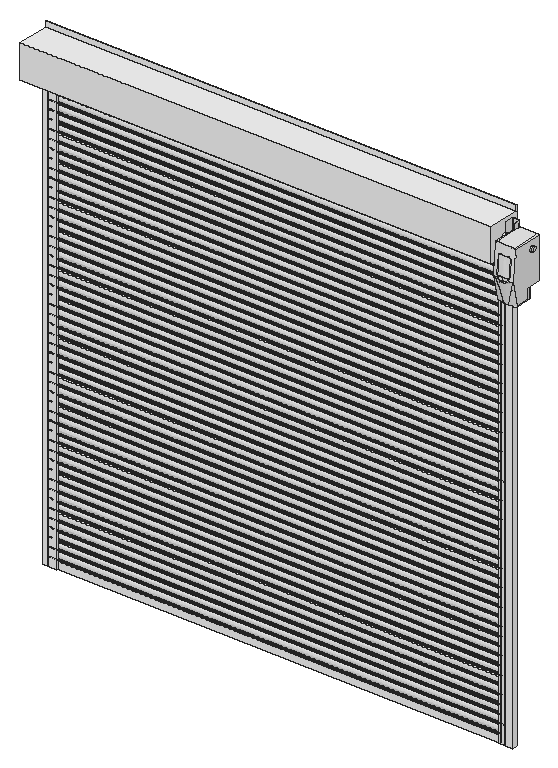
Revit family "Allura-Shutter-Door_OHD_Model-653-REV-A_compact", category Specialty Equipment, host Wall, Revit 2023
Family settings
  Host = Wall
  Round Connector Dimension = Use Diameter
  Part Type = Normal
  OmniClass Number = 23.30.10.21.34
  OmniClass Title = Industrial Doors
  Enable Cutting in Views = No
  Always vertical = Yes
  Cut with Voids When Loaded = Yes
  Maintain Annotation Orientation = No
  Shared = No
  Room Calculation Point = No
Parameters (values of type "115 volts, one phase, 60 Hz (110-120V range)")
  Warning (Note) [instance] = if(Warning Sign, "The Door Area is out of the limit; please adjust accordingly. The maximum allowed area is 239 sq. ft.", " ")  # " "
  Warning Sign [instance] = if(Calculated Area > 239.00 SF, 1 = 1, 1 = 2)  # no
  Voltage Real = 115 V
  Version = "1.00.01"  # constant formula
  True Opening Width [instance] = if(Between Jambs Mounting, Door Width True, Clear Width)  # 10' - 0"
  True Opening Height [instance] = if(Between Jambs Mounting, Clear Height + Headroom Height, Clear Height)  # 10' - 0"
  Wall Thickness [instance] = 0' - 6"
  Voltage [instance] = if(RLD Motor, 120 V, Voltage Real)  # 120 V
  RLD Motor [instance] = if(Motor Type Selection Real = 1, 1 = 1, 1 = 2)  # yes
  Motor Type Selection Real [instance] = if(and(Voltage Real = 115 V, Face Of Wall Mounting, Motor Type Selection < 2), 1, 2)  # 1
  Motor Type Selection [instance] = 1
  Motor Type [instance] = if(Crank, "Crank", if(Manual, "Manual", if(and(Voltage Real = 115 V, Face Of Wall Mounting), if(or(Motor Type Selection < 1, Motor Type Selection > 2), "Please Select Motor Type Selection between 1 and 2", if(Motor Type Selection = 1, "RLD Motor", "Tube Motor")), "Tube Motor")))  # "RLD Motor"
  Min Opening Width [instance] = 3' - 0"  # constant formula
  Min Opening Height [instance] = 3' - 0"  # constant formula
  Max Opening Width [instance] = 20' - 0"  # constant formula
  Max Opening Height [instance] = 14' - 0"  # constant formula
  Jamb Offset [instance] = if(Between Jambs Mounting, G Value, 0' 0")  # 0' - 0"
  Headroom Height Real [instance] = Hood Height + Hood Offset  # 0' - 11"
  G Value [instance] = 0' - 3 7/8"  # constant formula
  Door Width True [instance] = if(Between Jambs Mounting, Clear Width + G Value * 2, Clear Width + G Value * 2 + 0' 0 3/8" * 2)  # 10' - 8 1/2"
  Door Height True [instance] = Clear Height + Headroom Height  # 11' - 0 1/2"
  Default Elevation = 0' - 0"
  Date Updated = "2026/05/29"  # constant formula
  BimObject_Variable_Connectors = "Yes"  # constant formula
  BJ Opening Cut [instance] = if(Between Jambs Mounting, Headroom Height, 0' 0")  # 0' - 0"
  Tube Motor [instance] = not(or(Manual, Crank, RLD Motor))  # no
  Product Page URL = "https://www.overheaddoor.com/rolling-shutters-653"
  Power Factor = 1
  Powder Coat (Note) = "PowderGuard® Premium powder coat finish options are available in approximately 200 colors and can be custom matched to architect specifications."  # constant formula
  Opening Width Real [instance] = if(Opening Width > Max Opening Width, Max Opening Width, if(Opening Width < Min Opening Width, Min Opening Width, Opening Width))  # 10' - 0"
  Opening Width [instance] = 10' - 0"
  Opening Height Real [instance] = if(Opening Height > Max Opening Height, Max Opening Height, if(Opening Height < Min Opening Height, Min Opening Height, Opening Height))  # 10' - 0"
  Opening Height [instance] = 10' - 0"
  Number of Poles = 1
  Material Finish [instance] = 653 : Standard - White
  Installation Real [instance] = if(Between Jambs Mounting, Ex Wall Offset + Installation Limits, Wall Thickness)  # 0' - 6"
  Installation Offset [instance] = 0' - 0"
  Installation Limits [instance] = if(Installation Offset < 0' 0", 0' 0", if(Installation Offset > Wall Thickness - 0' 1 1/4" - Ex Wall Offset, Wall Thickness - 0' 1 1/4" - Ex Wall Offset, Installation Offset))  # 0' - 0"
  Hood Width [instance] = if(or(Opening Height < 4' 0", Opening Height = 4' 0"), 0' 7", if(or(Opening Height < 8' 0", Opening Height = 8' 0"), 0' 8", if(or(Opening Height < 10' 0", Opening Height = 10' 0"), 0' 9", if(or(Opening Height < 12' 0", Opening Height = 12' 0"), 0' 10", 0' 11"))))  # 0' - 9"
  Hood Offset = 0' - 2"  # constant formula
  Hood Height [instance] = if(or(Opening Height < 4' 0", Opening Height = 4' 0"), 0' 7", if(or(Opening Height < 8' 0", Opening Height = 8' 0"), 0' 8", if(or(Opening Height < 10' 0", Opening Height = 10' 0"), 0' 9", if(or(Opening Height < 12' 0", Opening Height = 12' 0"), 0' 10", 0' 11"))))  # 0' - 9"
  Headroom Height [instance] = if(Between Jambs Mounting, Hood Height + Hood Offset, Hood Height + Hood Offset + 0' 1 1/2")  # 1' - 0 1/2"
  Guid Depth [instance] = 0' - 7"  # constant formula
  Frequency = 60 Hz
  Face Of Wall Mounting [instance] = not(Between Jambs Mounting)  # yes
  Ex Wall Offset [instance] = 0' - 0"  # constant formula
  Door Width (Real) [instance] = if(Between Jambs Mounting, Clear Width, Clear Width + 0' 2 121/128" * 2)  # 10' - 5 57/64"
  Door Height (Real) [instance] = Clear Height + Hood Offset  # 10' - 2"
  URL = "https://www.overheaddoor.com/"
  Product data url = "https://www.bimobject.com/overhead-door/product/allura-shutter-door-653"
  Product Guid = "91723a56-d4a4-4d33-84ad-b2c2c72e9cdc"
  Model = "653"  # constant formula
  Manufacturer = "Overhead Door Corporation"  # constant formula
  Wall Closure = By host
  Floor To (CL) of Shaft [instance] = [Door Height (Real)] + Hood Height / 2  # 10' - 6 1/2"
  Description = "Allura Shutter Model 653 Rolling Security Door"  # constant formula
  Crank + Tube Motor [instance] = or(Crank, Tube Motor)  # no
  Crank = no
  Connector Position [instance] = if(Between Jambs Mounting, 0' 3 7/8", if(RLD Motor, 0' 3 7/8" + 0' 0 3/8" + 0' 7 141/256", 0' 3 7/8" + 0' 0 3/8"))  # 0' - 11 205/256"
  Manual = no
  Current [instance] = if(or(Manual, Crank), 0 A, if(RLD Motor, 4 A, 20 A))  # 4 A
  Connector Array Distance = 0' - 0"  # constant formula
  Connector Array = if(or(Manual, Crank), 2, 3)  # 3
  Clear Width [instance] = if(Between Jambs Mounting, Opening Width Real - G Value * 2, Opening Width Real)  # 10' - 0"
  Clear Height [instance] = if(Between Jambs Mounting, Opening Height Real - Headroom Height, Opening Height Real)  # 10' - 0"
  Calculated Area [instance] = [Door Width (Real)] * [Door Height (Real)]  # 106.657 SF
  Between Jambs Mounting [instance] = no
  Backroom Depth [instance] = Hood Width  # 0' - 9"
  Apparent Load Phase 1 [instance] = Voltage * Current  # 480 VA
Reference planes (in)
  plane 1 "Center (Front/Back)": y = -5
  plane 2 "Center (Left/Right)": x = 0
  plane 3 "Left": x = -64.25
  plane 4 "Right": x = 64.25
  plane 5 "Exterior": y = 1
  plane 6 "Interior": y = -5
  plane 7: x = 60
  plane 8: x = -60
  plane 9: z = 120
  plane 10 "Main": y = -5.625
  plane 11: y = -14
  plane 12 "Main Door Block": y = -5
  plane 13 "Bottom Bar": z = 2.12022
  plane 14: y = -6
  plane 15: z = 126.5
  plane 16: z = 0
  plane 17: y = -9.5
  plane 18: y = -9.5
  plane 19 "Connector": x = 71.80078
  plane 20: z = 122
  plane 21: z = 132.5
  plane 22: z = 61
  plane 23: y = -5.875
Forms (in)
  Extrusion 1, void
    sketch origin (0, -5, 0) x (0, 0, -1) y (-1, 0, 0)
      loop
        line (-120, 60) -> (-120, -60) -> (0, -60) -> (0, 60) -> (-120, 60)
    from 0 to 6
  Extrusion 2, solid, not visible
    sketch origin (70.04687, 0.75, -0.75) x (0, 1, 0) y (0, 0, 1)
      loop
        circle (-10.25, 127.25) r 0.5
    from 0 to 1.75391
  Extrusion 3, solid, not visible
    sketch origin (70.04687, 0.75, -0.75) x (0, 1, 0) y (0, 0, 1)
      loop
        circle (-10.25, 127.25) r 0.5
    from 0 to 1.75391
  Extrusion 4, solid, not visible
    sketch origin (70.04687, 0.75, -0.75) x (0, 1, 0) y (0, 0, 1)
      loop
        circle (-10.25, 127.25) r 0.5
    from 0 to 1.75391
Lines and regions (in)
  model lines, not visible
    curve 1: line (70.04687, -9.5, 126) -> (70.04687, -9.5, 127)
    curve 2: line (70.04687, -10, 126.5) -> (70.04687, -9, 126.5)
    curve 3: line (70.04687, -9.5, 126) -> (70.04687, -9.5, 127)
    curve 4: line (70.04687, -10, 126.5) -> (70.04687, -9, 126.5)
    curve 5: line (70.04687, -9.5, 126) -> (70.04687, -9.5, 127)
    curve 6: line (70.04687, -10, 126.5) -> (70.04687, -9, 126.5)
Text (in)
  text "Exterior" at (-74.96733, 27.31104, 0), in view "Ref. Level"
  text "Interior" at (-74.96733, -25.14366, 0), in view "Ref. Level"
  text "Exterior" at (0, 40.15149, 123.01588), in view "Right"
  text "Interior" at (0, -64.39139, 123.01588), in view "Right"
  text "Interior" at (0, -31.01599, 123.00693), in view "Left"
  text "Exterior" at (0, 54.57065, 123.00693), in view "Left"
Dimensions and locks (in)
  equal spacing: plane 3 "Left", plane 2 "Center (Left/Right)", plane 4 "Right"
  "Door Width True": plane 3 "Left" to plane 4 "Right"
  level to host wall = 38' - 3.59655"
  "Clear Height": level to plane 9
  plane 8 to plane 2 "Center (Left/Right)" to plane 7 = 5' - 0", 5' - 0"
  plane 7 to plane 8 = 10' - 0"
  equal spacing: plane 7, plane 2 "Center (Left/Right)", plane 8
  locked: plane 13 "Bottom Bar" to level at 2.12022
  "Clear Width": plane 7 to plane 8
  locked: plane 14 to plane 10 "Main" at 0.375
  "Floor To (CL) of Shaft": level to plane 15
  "Backroom Depth": plane 11 to plane 12 "Main Door Block"
  "Installation Real": plane 1 "Center (Front/Back)" to plane 5 "Exterior"
  "Wall Thickness": host wall to host wall
  "BJ Opening Cut": Extrusion 1 sketch curve to plane 9
  locked: plane 14 to plane 1 "Center (Front/Back)" at 1
  equal spacing: plane 11, plane 17, plane 1 "Center (Front/Back)"
  "Connector Array Distance": plane 18 to plane 17
  equal spacing: group 3, group 2, group 1  (x2)
  equal spacing: group 1, group 2, group 3
  "Connector Position": plane 19 "Connector" to plane 7
  "Jamb Offset": plane 8 to Extrusion 1 sketch curve
  "Jamb Offset": Extrusion 1 sketch curve to plane 7
  "Hood Offset": plane 20 to plane 9
  "Headroom Height": plane 21 to plane 9
  equal spacing: plane 20, plane 22, level
  locked: plane 14 to plane 23 at 0.125
  locked: plane 7 to nested 3 at 9.0625
  aligned and locked: plane 5 "Exterior" to host wall
  aligned and locked: host wall to plane 6 "Interior"
  aligned and locked: level to Extrusion 1 sketch curve
  aligned and locked: Extrusion 1 to plane 5 "Exterior"
  aligned and locked: plane 6 "Interior" to Extrusion 1
  aligned and locked: plane 12 "Main Door Block" to plane 1 "Center (Front/Back)"
  aligned and locked: level to plane 16
  aligned and locked: plane 1 "Center (Front/Back)" to nested 1
  aligned and locked: curve 1 to Extrusion 2 sketch curve
  aligned and locked: curve 2 to Extrusion 2 sketch curve
  aligned and locked: curve 3 to Extrusion 3 sketch curve
  aligned and locked: curve 4 to Extrusion 3 sketch curve
  aligned and locked: curve 5 to Extrusion 4 sketch curve
  aligned and locked: curve 6 to Extrusion 4 sketch curve
  aligned and locked: curve 1 to plane 17
  aligned and locked: plane 15 to curve 2
  aligned and locked: plane 15 to curve 4
  aligned and locked: curve 3 to plane 18
  aligned and locked: Extrusion 2 to plane 19 "Connector"
  aligned and locked: Extrusion 3 to plane 19 "Connector"
  aligned and locked: plane 22 to nested 2
  aligned and locked: plane 2 "Center (Left/Right)" to nested 2
  aligned and locked: nested 2 to plane 23
  aligned and locked: plane 17 to nested 3
  aligned and locked: nested 3 to plane 15
Automatic sketch dimensions
  curve 2 to curve 1 = 0' - 0 1/2"  (x2)
  curve 1 to curve 2 = 0' - 0 1/2"  (x2)
  curve 4 to curve 3 = 0' - 0 1/2"  (x2)
  curve 3 to curve 4 = 0' - 0 1/2"  (x2)
  curve 6 to curve 5 = 0' - 0 1/2"  (x2)
  curve 5 to curve 6 = 0' - 0 1/2"  (x2)
  radius of Extrusion 2 sketch curve = 0' - 0 1/2"
  radius of Extrusion 3 sketch curve = 0' - 0 1/2"
  radius of Extrusion 4 sketch curve = 0' - 0 1/2"
Nested families (in)
  nested 1: "653" at (0, -5, 0), Between Jambs <- "Between Jambs Mounting", Opening Height <- "Opening Height Real", Opening Width <- "Opening Width Real", Header Width <- "Backroom Depth", Headroom Height <- "Headroom Height Real", type <- "Material Finish", Crank <- "Crank + Tube Motor", Hood Offset <- "Hood Offset", type "Standard - White"
    with Slat Length 10' - 5.89", Slat Height 0' - 2.379", Opening Width 10' - 0", Opening Height 10' - 0", Hood Offset 0' - 2", Height Real 10' - 0", Headroom Height 0' - 11", Headplate Offset 0' - 4 1/4", Header Width 0' - 9", Guide Setback 0' - 0 3/8", Guide Offset 0' - 0", Floor To (CL) of Shaft 10' - 6 1/2", Face to Wall Mount yes, Crank no, Between Jambs no, Array Length 10' - 1.329", Array 51
  nested 2: "Warning Sign" at (0, -5.875, 61), visible <- "Warning Sign", type "Warning Sign"
    with Warning Sign no
  nested 3: "Motor" at (69.0625, -9.5, 126.5), visible <- "RLD Motor", type "Motor"
Connectors (in)
  electrical at (71.80078, -9.5, 126.5), driven by "Apparent Load Phase 1", driven by "Power Factor", driven by "Voltage", driven by "Number of Poles"
    settings: on Extrusion 4, index 1, voltage 120 V, apparent load 0 VA, apparent load phase1 480 VA, apparent load phase2 0 VA, apparent load phase3 0 VA, power factor 1, load classification "Other", number of poles 1, system type 31, power factor state 1, is connector primary yes, connector utility no, sub classification motor no, connector description "Electrical Connector"
Definition of nested family "653"
  Parameters (values of type "Fenestrated Slat - Almond")
    Slat Material Cutout = none
    Slat Length [instance] = if(Between Jambs, Opening Width - 0' 1.305" * 2, Opening Width + 0' 2.945" * 2)  # 10' - 5.89"
    Slat Height [instance] = 0' - 2.379"  # constant formula
    Rough Width = 0' - 0"
    Rough Height = 0' - 0"
    Slat Material = none
    Opening Width [instance] = 10' - 0"
    Hood Offset [instance] = 0' - 2"
    Height Real [instance] = if(Between Jambs, Opening Height - Headroom Height, Opening Height)  # 10' - 0"
    Headroom Height [instance] = 1' - 0 1/2"
    Headplate Offset [instance] = if(Between Jambs, 0' 3 7/8", 0' 3 7/8" + Guide Setback)  # 0' - 4 1/4"
    Header Width [instance] = 0' - 10 1/2"
    Opening Height [instance] = 10' - 0"
    Guide Setback [instance] = if(Between Jambs, 0' 0", 0' 0 3/8")  # 0' - 0 3/8"
    Guide Offset [instance] = if(Between Jambs, 0' 3 7/8", 0' 0")  # 0' - 0"
    Floor To (CL) of Shaft [instance] = Opening Height + (Headroom Height - 0' 2") / 2 + 0' 2"  # 10' - 7 1/4"
    Face to Wall Mount [instance] = not(Between Jambs)  # yes
    Crank [instance] = yes
    Between Jambs [instance] = no
    BJ Position = 0' - 0"  # constant formula
    Array Length [instance] = (Array) * Slat Height  # 10' - 1.329"
    Array [instance] = rounddown((Height Real) / Slat Height) + 1  # 51
    Analytic Construction = "<None>"
  Types (12): name
    Standard Slat - White
    Standard Slat - Silver
    Standard Slat - Bronze
    Standard Slat - Almond
    Perforated Slat - Almond
    Perforated Slat - Bronze
    Perforated Slat - Silver
    Perforated Slat - White
    Fenestrated Slat - White
    Fenestrated Slat - Silver
    Fenestrated Slat - Bronze
    Fenestrated Slat - Almond
  Reference planes (in)
    plane 1 "Center (Front/Back)": y = 0
    plane 2: z = 0
    plane 3 "Center (Left/Right)": x = 0
    plane 4 "Opening Height": z = 120
    plane 5: z = 132.5
    plane 6: y = 10.5
    plane 7 "Real Opening 2": x = -60
    plane 8 "Real Opening 1": x = 60
    plane 9: z = 122
    plane 10 "Main": y = 0
    plane 11: z = 127.25
    plane 12: x = 60
    plane 13: x = -60
    plane 14: x = -64.25
    plane 15: x = 64.25
    plane 16: y = 1.25
    plane 17: z = 2
    plane 18: y = 0.435
    plane 19: z = 123.329
    plane 20 "Crank": x = 59.25
    plane 21: y = 7.5
  Forms (in)
    Extrusion 1, solid, material <- "Slat Material"
      sketch origin (0, 0, 0) x (0, 1, 0) y (0, 0, 1)
        loop
          line (0.9875, 2) -> (0.2625, 2) -> (0.2625, 0) -> (0.9875, 0) -> (0.9875, 2)
      from -61.92 to 61.92
    Extrusion 2, solid, material <- "Slat Material"
      sketch origin (0, 0, 0) x (0, 1, 0) y (0, 0, 1)
        loop
          line (0, 122) -> (10.5, 122) -> (10.5, 132.5) -> (0, 132.5) -> (0, 122)
      from -64.25 to 64.25
    Extrusion 3, solid, material <- "Slat Material"
      sketch origin (0, 0, 0) x (1, 0, 0) y (0, 1, 0)
        loop
          line (-64.25, 1.25) -> (-64.25, 0) -> (-60.375, 0) -> (-60.375, 0.25) -> (-60.86, 0.25) -> (-60.86, 0.1) -> (-61.92, 0.1) -> (-61.92, 0.435) -> (-62.045, 0.435) -> (-62.045, 0.1) -> (-62.945, 0.1) -> (-62.945, 1.15) -> (-62.045, 1.15) -> (-62.045, 0.815) -> (-61.92, 0.815) -> (-61.92, 1.15) -> (-60.86, 1.15) -> (-60.86, 1) -> (-60.375, 1) -> (-60.375, 1.25) -> (-64.25, 1.25)
        loop
          line (64.25, 1.25) -> (60.375, 1.25) -> (60.375, 1) -> (60.86, 1) -> (60.86, 1.15) -> (61.92, 1.15) -> (61.92, 0.815) -> (62.045, 0.815) -> (62.045, 1.15) -> (62.945, 1.15) -> (62.945, 0.1) -> (62.045, 0.1) -> (62.045, 0.435) -> (61.92, 0.435) -> (61.92, 0.1) -> (60.86, 0.1) -> (60.86, 0.25) -> (60.375, 0.25) -> (60.375, 0) -> (64.25, 0) -> (64.25, 1.25)
      from 0 to 122
    Extrusion 4, solid, material <- "Slat Material", visible <- "Face to Wall Mount"
      sketch origin (0, 0, 0) x (0, 1, 0) y (0, 0, 1)
        loop
          line (0, 132.5) -> (0.2, 132.5) -> (0.2, 134) -> (0, 134) -> (0, 132.5)
      from -64.25 to 64.25
    Extrusion 5, solid, visible <- "Crank"
      sketch origin (59.25, 0, 0) x (0, 0, -1) y (0, -1, 0)
        loop
          line (-121.9, -7.5) -> (-122, -7.5) -> (-122, -10.5) -> (-121.9, -10.5) -> (-121.9, -7.5)
        loop
          arc (-119.57937, -9.33493) -> (-120, -9.75556) -> (-119.57937, -10.1762) r 0.42063
          line (-119.57937, -10.1762) -> (-118.76148, -10.1762)
          arc (-118.76148, -10.1762) -> (-118.58471, -10.10297) -> (-118.51148, -9.9262) r 0.25
          line (-118.51148, -9.9262) -> (-118.51148, -9.58493)
          arc (-118.51148, -9.58493) -> (-118.58471, -9.40815) -> (-118.76148, -9.33493) r 0.25
          line (-118.76148, -9.33493) -> (-119.57937, -9.33493)
        loop
          arc (-119.57937, -9.52293) -> (-119.812, -9.75556) -> (-119.57937, -9.9882) r 0.23263
          line (-119.57937, -9.9882) -> (-118.76148, -9.9882)
          arc (-118.76148, -9.9882) -> (-118.71764, -9.97004) -> (-118.69948, -9.9262) r 0.062
          line (-118.69948, -9.9262) -> (-118.69948, -9.58493)
          arc (-118.69948, -9.58493) -> (-118.71764, -9.54109) -> (-118.76148, -9.52293) r 0.062
          line (-118.76148, -9.52293) -> (-119.57937, -9.52293)
      from -0.5 to 0.5
    Revolve 6, solid, visible <- "Crank"
      sketch origin (59.25, 0, 0) x (0, 0, -1) y (0, -1, 0)
        loop
          line (-121.37028, -9.66459) -> (-121.19351, -9.84136) -> (-121.06092, -9.70878) -> (-122.18202, -8.58768) -> (-122.44719, -8.85285) -> (-121.50287, -9.79717) -> (-121.37028, -9.66459)
        axis (-121.06092, -9.70878) -> (-122.18202, -8.58768)
      angle from 0 to 360
    Revolve 7, solid, visible <- "Crank"
      sketch origin (59.25, 0, 0.04687) x (0, 0, -1) y (0, -1, 0)
        loop
          line (-120.91808, -9.75556) -> (-120.91808, -9.84411) -> (-120.8087, -9.84411) -> (-120.8087, -9.89879) -> (-120.66995, -9.89879) -> (-120.66995, -9.98473) -> (-119.95312, -9.98473) -> (-119.95312, -9.75556) -> (-120.91808, -9.75556)
        axis (-120.91808, -9.75556) -> (-119.95312, -9.75556)
      angle from 0 to 360
    Extrusion 8, solid, visible <- "Crank"
      sketch origin (59.25, 0, 0) x (0, 0, -1) y (0, -1, 0)
        loop
          circle (-121.01414, -9.75556) r 0.1
      from -0.1 to 0.1
  Lines and regions (in)
    Masking region 1
      outline origin (0, 0, 0) x (1, 0, 0) y (0, 1, 0)
        loop
          line (-64.25, 10.5) -> (-64.25, 0) -> (64.25, 0) -> (64.25, 10.5) -> (-64.25, 10.5)
    symbolic lines, visible <- "Face to Wall Mount"
      curve 1: line (64.25, 0.2, 0) -> (-64.25, 0.2, 0)
  Dimensions and locks (in)
    locked: Extrusion 1 sketch curve to level at 2
    "Headroom Height": plane 5 to plane 4 "Opening Height"
    plane 6 to plane 1 "Center (Front/Back)" = 0' - 10 1/2"
    locked: Extrusion 2 sketch curve to plane 4 "Opening Height" at 2
    "Height Real": plane 4 "Opening Height" to level
    "Hood Offset": plane 9 to plane 4 "Opening Height"
    "BJ Position": plane 10 "Main" to plane 1 "Center (Front/Back)"
    "Header Width": plane 10 "Main" to plane 6
    "Floor To (CL) of Shaft": plane 11 to level
    locked: Extrusion 1 sketch curve to Extrusion 1 sketch curve at 0.725
    "Guide Offset": plane 8 "Real Opening 1" to plane 12
    "Guide Offset": plane 13 to plane 7 "Real Opening 2"
    locked: plane 16 to plane 10 "Main" at 1.25
    "Opening Width": plane 13 to plane 12
    equal spacing: plane 13, plane 3 "Center (Left/Right)", plane 12
    "Headplate Offset": plane 8 "Real Opening 1" to plane 15
    "Headplate Offset": plane 14 to plane 7 "Real Opening 2"
    locked: Extrusion 3 sketch curve to Extrusion 3 sketch curve at 3.875  (x2)
    "Guide Setback": Extrusion 3 sketch curve to plane 7 "Real Opening 2"
    locked: Extrusion 3 sketch curve to Extrusion 3 sketch curve at 0.25  (x4)
    locked: Extrusion 3 sketch curve to Extrusion 3 sketch curve at 0.485  (x2)
    locked: Extrusion 3 sketch curve to Extrusion 3 sketch curve at 0.125  (x2)
    locked: Extrusion 3 sketch curve to Extrusion 3 sketch curve at 0.15  (x4)
    locked: Extrusion 3 sketch curve to Extrusion 3 sketch curve at 1.06  (x2)
    locked: Extrusion 3 sketch curve to Extrusion 3 sketch curve at 0.9  (x2)
    locked: Extrusion 3 sketch curve to Extrusion 3 sketch curve at 1.25  (x2)
    "Guide Setback": plane 8 "Real Opening 1" to Extrusion 3 sketch curve
    locked: Extrusion 3 sketch curve to Extrusion 3 sketch curve at 0.435  (x4)
    Extrusion 4 sketch curve to Extrusion 4 sketch curve = 0' - 0.2"
    locked: Extrusion 4 sketch curve to plane 5 at 1.5
    locked: plane 10 "Main" to Extrusion 1 sketch curve at 0.2625
    locked: plane 17 to level at 2
    locked: plane 10 "Main" to plane 18 at 0.435
    equal spacing: group 1, group 3, group 4, group 5, group 6, group 7, group 8, group 9, group 10, group 11, group 12, group 13, group 14, group 15, group 16, group 17, group 18, group 19, group 20, group 21, group 22, group 23, group 24, group 25, group 26, group 27, group 28, group 29, group 30, group 31, group 32, group 33, group 34, group 35, group 36, group 37, group 38, group 39, group 40, group 41, group 42, group 43, group 44, group 45, group 46, group 47, group 48, group 49, group 50, group 51, group 2  (x3)
    "Array Length": plane 19 to plane 17
    locked: plane 20 "Crank" to plane 15 at 5
    locked: plane 21 to plane 6 at 3
    locked: Revolve 6 sketch curve to plane 9 at 0.44719
    Revolve 6 sketch curve to Revolve 6 sketch curve to Revolve 6 sketch curve = 0' - 0 1/4" locked, 0' - 1.33547" locked
    locked: plane 9 to Extrusion 8 sketch curve at 0.98586
    locked: Extrusion 8 sketch curve to plane 6 at 0.74444
    locked: plane 9 to Extrusion 5 sketch curve at 0.1
    locked: Extrusion 5 sketch curve to Extrusion 5 sketch curve at 0.87988
    locked: Extrusion 5 sketch curve to Extrusion 5 sketch curve at 0.23263
    locked: Extrusion 5 sketch curve to Extrusion 5 sketch curve at 0.188  (x2)
    Extrusion 5 sketch curve to Extrusion 5 sketch curve = 0' - 0.188"
    locked: plane 4 "Opening Height" to Extrusion 5 sketch curve at 0.42063
    locked: plane 9 to Revolve 6 sketch curve at 0.97407
    locked: Revolve 6 sketch curve to plane 6 at 1.7303
    radius of Extrusion 5 sketch curve = 0' - 0.42063"
    radius of Extrusion 5 sketch curve = 0' - 0 1/4"  (x2)
    radius of Extrusion 8 sketch curve = 0' - 0.1"
    radius of Extrusion 5 sketch curve = 0' - 0.062"  (x2)
    radius of Extrusion 5 sketch curve = 0' - 0.23263"
    locked: Revolve 6 sketch curve to plane 9 (angle 45.00°)
    aligned and locked: plane 2 to level
    aligned and locked: Extrusion 2 sketch curve to plane 5
    aligned and locked: Extrusion 2 sketch curve to plane 6
    aligned and locked: Extrusion 2 to plane 15
    aligned and locked: Extrusion 2 to plane 14
    aligned and locked: plane 10 "Main" to Extrusion 2 sketch curve
    aligned and locked: plane 16 to Extrusion 3 sketch curve
    aligned and locked: Extrusion 3 sketch curve to Extrusion 3 sketch curve  (x12)
    aligned and locked: Extrusion 3 sketch curve to plane 16
    aligned and locked: plane 9 to Extrusion 3
    aligned and locked: Extrusion 4 sketch curve to plane 5
    aligned and locked: plane 10 "Main" to Extrusion 4 sketch curve
    aligned and locked: Extrusion 4 to Extrusion 2
    aligned and locked: Extrusion 2 to Extrusion 4
    aligned and locked: Extrusion 1 to Extrusion 3  (x2)
    aligned and locked: Masking region 1 sketch curve to Extrusion 2  (x3)
    aligned and locked: Masking region 1 sketch curve to Extrusion 4
    aligned and locked: Extrusion 2 to curve 1  (x2)
    aligned and locked: curve 1 to Extrusion 4
    aligned and locked: nested 1 to plane 3 "Center (Left/Right)"
    aligned and locked: plane 17 to nested 1
    aligned and locked: nested 1 to plane 18
    aligned and locked: plane 18 to nested 2
    aligned and locked: plane 19 to nested 2
    aligned and locked: plane 21 to Extrusion 5 sketch curve
    aligned and locked: plane 9 to Extrusion 5 sketch curve
    aligned and locked: plane 6 to Extrusion 5 sketch curve
    aligned and locked: plane 9 to Revolve 6 sketch curve
  Automatic sketch dimensions
    Extrusion 1 sketch curve to level = 0' - 0"
    plane 9 to Revolve 6 sketch curve = 0' - 0.18202"
    Revolve 6 sketch curve to plane 9 = 0' - 0.49713"
    Revolve 6 sketch curve to Revolve 6 sketch curve = 0' - 0.13258"
    Revolve 6 sketch curve to Revolve 6 sketch curve = 0' - 0.03499"
    Revolve 7 sketch curve to plane 4 "Opening Height" = 0' - 0"
    Revolve 7 sketch curve to Revolve 7 sketch curve = 0' - 0.71682"
    Revolve 7 sketch curve to Revolve 7 sketch curve = 0' - 0.13875"
    Revolve 7 sketch curve to Revolve 7 sketch curve = 0' - 0 7/64"
    Revolve 7 sketch curve to plane 6 = 0' - 0.51527"
    Revolve 7 sketch curve to Revolve 7 sketch curve = 0' - 0 11/128"
    Revolve 7 sketch curve to Revolve 7 sketch curve = 0' - 0 7/128"
    Revolve 7 sketch curve to Revolve 7 sketch curve = 0' - 0.22917"
    Revolve 7 sketch curve to Revolve 7 sketch curve = 0' - 0.0413"
    Revolve 7 sketch curve to plane 6 = 0' - 0.74444"
    Revolve 7 sketch curve to plane 4 "Opening Height" = 0' - 1.49375"
    Extrusion 5 sketch curve to Extrusion 5 sketch curve = 0' - 0"
    Extrusion 5 sketch curve to plane 6 = 0' - 0.3238"
  Nested families (in)
    nested 1: "Slat" at (0, 0.72406, 2) x (-1, 0, 0) z (0, 0, 1), type "Slat - Custom"
      with Door Width 10' - 5.89"
    nested 2: "Slat" at (0, 0.72406, 120.949) x (-1, 0, 0) z (0, 0, 1), type "Slat - Custom"
      with Door Width 10' - 5.89"
    nested 3: "Slat" at (0, 0.72406, 4.37898) x (-1, 0, 0) z (0, 0, 1), type "Slat - Custom"
      with Door Width 10' - 5.89"
    nested 4: "Slat" at (0, 0.72406, 6.75796) x (-1, 0, 0) z (0, 0, 1), type "Slat - Custom"
      with Door Width 10' - 5.89"
    nested 5: "Slat" at (0, 0.72406, 9.13694) x (-1, 0, 0) z (0, 0, 1), type "Slat - Custom"
      with Door Width 10' - 5.89"
    nested 6: "Slat" at (0, 0.72406, 11.51592) x (-1, 0, 0) z (0, 0, 1), type "Slat - Custom"
      with Door Width 10' - 5.89"
    nested 7: "Slat" at (0, 0.72406, 13.8949) x (-1, 0, 0) z (0, 0, 1), type "Slat - Custom"
      with Door Width 10' - 5.89"
    nested 8: "Slat" at (0, 0.72406, 16.27388) x (-1, 0, 0) z (0, 0, 1), type "Slat - Custom"
      with Door Width 10' - 5.89"
    nested 9: "Slat" at (0, 0.72406, 18.65286) x (-1, 0, 0) z (0, 0, 1), type "Slat - Custom"
      with Door Width 10' - 5.89"
    nested 10: "Slat" at (0, 0.72406, 21.03184) x (-1, 0, 0) z (0, 0, 1), type "Slat - Custom"
      with Door Width 10' - 5.89"
    nested 11: "Slat" at (0, 0.72406, 23.41082) x (-1, 0, 0) z (0, 0, 1), type "Slat - Custom"
      with Door Width 10' - 5.89"
    nested 12: "Slat" at (0, 0.72406, 25.7898) x (-1, 0, 0) z (0, 0, 1), type "Slat - Custom"
      with Door Width 10' - 5.89"
    nested 13: "Slat" at (0, 0.72406, 28.16878) x (-1, 0, 0) z (0, 0, 1), type "Slat - Custom"
      with Door Width 10' - 5.89"
    nested 14: "Slat" at (0, 0.72406, 30.54776) x (-1, 0, 0) z (0, 0, 1), type "Slat - Custom"
      with Door Width 10' - 5.89"
    nested 15: "Slat" at (0, 0.72406, 32.92674) x (-1, 0, 0) z (0, 0, 1), type "Slat - Custom"
      with Door Width 10' - 5.89"
    nested 16: "Slat" at (0, 0.72406, 35.30572) x (-1, 0, 0) z (0, 0, 1), type "Slat - Custom"
      with Door Width 10' - 5.89"
    nested 17: "Slat" at (0, 0.72406, 37.6847) x (-1, 0, 0) z (0, 0, 1), type "Slat - Custom"
      with Door Width 10' - 5.89"
    nested 18: "Slat" at (0, 0.72406, 40.06368) x (-1, 0, 0) z (0, 0, 1), type "Slat - Custom"
      with Door Width 10' - 5.89"
    nested 19: "Slat" at (0, 0.72406, 42.44266) x (-1, 0, 0) z (0, 0, 1), type "Slat - Custom"
      with Door Width 10' - 5.89"
    nested 20: "Slat" at (0, 0.72406, 44.82164) x (-1, 0, 0) z (0, 0, 1), type "Slat - Custom"
      with Door Width 10' - 5.89"
    nested 21: "Slat" at (0, 0.72406, 47.20062) x (-1, 0, 0) z (0, 0, 1), type "Slat - Custom"
      with Door Width 10' - 5.89"
    nested 22: "Slat" at (0, 0.72406, 49.5796) x (-1, 0, 0) z (0, 0, 1), type "Slat - Custom"
      with Door Width 10' - 5.89"
    nested 23: "Slat" at (0, 0.72406, 51.95858) x (-1, 0, 0) z (0, 0, 1), type "Slat - Custom"
      with Door Width 10' - 5.89"
    nested 24: "Slat" at (0, 0.72406, 54.33756) x (-1, 0, 0) z (0, 0, 1), type "Slat - Custom"
      with Door Width 10' - 5.89"
    nested 25: "Slat" at (0, 0.72406, 56.71654) x (-1, 0, 0) z (0, 0, 1), type "Slat - Custom"
      with Door Width 10' - 5.89"
    nested 26: "Slat" at (0, 0.72406, 59.09552) x (-1, 0, 0) z (0, 0, 1), type "Slat - Custom"
      with Door Width 10' - 5.89"
    nested 27: "Slat" at (0, 0.72406, 61.4745) x (-1, 0, 0) z (0, 0, 1), type "Slat - Custom"
      with Door Width 10' - 5.89"
    nested 28: "Slat" at (0, 0.72406, 63.85348) x (-1, 0, 0) z (0, 0, 1), type "Slat - Custom"
      with Door Width 10' - 5.89"
    nested 29: "Slat" at (0, 0.72406, 66.23246) x (-1, 0, 0) z (0, 0, 1), type "Slat - Custom"
      with Door Width 10' - 5.89"
    nested 30: "Slat" at (0, 0.72406, 68.61144) x (-1, 0, 0) z (0, 0, 1), type "Slat - Custom"
      with Door Width 10' - 5.89"
    nested 31: "Slat" at (0, 0.72406, 70.99042) x (-1, 0, 0) z (0, 0, 1), type "Slat - Custom"
      with Door Width 10' - 5.89"
    nested 32: "Slat" at (0, 0.72406, 73.3694) x (-1, 0, 0) z (0, 0, 1), type "Slat - Custom"
      with Door Width 10' - 5.89"
    nested 33: "Slat" at (0, 0.72406, 75.74838) x (-1, 0, 0) z (0, 0, 1), type "Slat - Custom"
      with Door Width 10' - 5.89"
    nested 34: "Slat" at (0, 0.72406, 78.12736) x (-1, 0, 0) z (0, 0, 1), type "Slat - Custom"
      with Door Width 10' - 5.89"
    nested 35: "Slat" at (0, 0.72406, 80.50634) x (-1, 0, 0) z (0, 0, 1), type "Slat - Custom"
      with Door Width 10' - 5.89"
    nested 36: "Slat" at (0, 0.72406, 82.88532) x (-1, 0, 0) z (0, 0, 1), type "Slat - Custom"
      with Door Width 10' - 5.89"
    nested 37: "Slat" at (0, 0.72406, 85.2643) x (-1, 0, 0) z (0, 0, 1), type "Slat - Custom"
      with Door Width 10' - 5.89"
    nested 38: "Slat" at (0, 0.72406, 87.64328) x (-1, 0, 0) z (0, 0, 1), type "Slat - Custom"
      with Door Width 10' - 5.89"
    nested 39: "Slat" at (0, 0.72406, 90.02226) x (-1, 0, 0) z (0, 0, 1), type "Slat - Custom"
      with Door Width 10' - 5.89"
    nested 40: "Slat" at (0, 0.72406, 92.40124) x (-1, 0, 0) z (0, 0, 1), type "Slat - Custom"
      with Door Width 10' - 5.89"
    nested 41: "Slat" at (0, 0.72406, 94.78022) x (-1, 0, 0) z (0, 0, 1), type "Slat - Custom"
      with Door Width 10' - 5.89"
    nested 42: "Slat" at (0, 0.72406, 97.1592) x (-1, 0, 0) z (0, 0, 1), type "Slat - Custom"
      with Door Width 10' - 5.89"
    nested 43: "Slat" at (0, 0.72406, 99.53818) x (-1, 0, 0) z (0, 0, 1), type "Slat - Custom"
      with Door Width 10' - 5.89"
    nested 44: "Slat" at (0, 0.72406, 101.91716) x (-1, 0, 0) z (0, 0, 1), type "Slat - Custom"
      with Door Width 10' - 5.89"
    nested 45: "Slat" at (0, 0.72406, 104.29614) x (-1, 0, 0) z (0, 0, 1), type "Slat - Custom"
      with Door Width 10' - 5.89"
    nested 46: "Slat" at (0, 0.72406, 106.67512) x (-1, 0, 0) z (0, 0, 1), type "Slat - Custom"
      with Door Width 10' - 5.89"
    nested 47: "Slat" at (0, 0.72406, 109.0541) x (-1, 0, 0) z (0, 0, 1), type "Slat - Custom"
      with Door Width 10' - 5.89"
    nested 48: "Slat" at (0, 0.72406, 111.43308) x (-1, 0, 0) z (0, 0, 1), type "Slat - Custom"
      with Door Width 10' - 5.89"
    nested 49: "Slat" at (0, 0.72406, 113.81206) x (-1, 0, 0) z (0, 0, 1), type "Slat - Custom"
      with Door Width 10' - 5.89"
    nested 50: "Slat" at (0, 0.72406, 116.19104) x (-1, 0, 0) z (0, 0, 1), type "Slat - Custom"
      with Door Width 10' - 5.89"
    nested 51: "Slat" at (0, 0.72406, 118.57002) x (-1, 0, 0) z (0, 0, 1), type "Slat - Custom"
      with Door Width 10' - 5.89"
  Definition of nested family "Slat"
    Parameters (values of type "Slat - Custom")
      Standard Slat Material = none
      Slat Thickness = 0' - 0 37/64"  # constant formula
      Slat Height = 0' - 2.38"  # constant formula
      Cutout Slat Material = none
      Door Width = 10' - 5 57/64"
      Default Elevation = 4' - 0"
    Reference planes (in)
      plane 1 "Center (Front/Back)": y = 0
      plane 2: z = 0
      plane 3 "Center (Left/Right)": x = 0
      plane 4: x = -62.94531
      plane 5: x = 62.94531
      plane 6: y = -0.28906
      plane 7: y = 0.28906
      plane 8 "Bottom": z = 0
      plane 9 "Top": z = 2.38
    Forms (in)
      Extrusion 1, solid, material <- "Standard Slat Material"
        sketch origin (0, 0, 0) x (0, 1, 0) y (0, 0, 1)
          loop
            arc (0.00174, 2.43657) -> (-0.08172, 2.28309) -> (-0.15173, 2.12303) r 2.03938
            arc (-0.15173, 2.12303) -> (-0.28837, 1.32188) -> (-0.10129, 0.531) r 2.03938
            arc (-0.10129, 0.531) -> (-0.07919, 0.48469) -> (-0.05592, 0.43896) r 2.03938
            arc (-0.05592, 0.43896) -> (-0.04482, 0.35953) -> (-0.08672, 0.29115) r 0.1188
            arc (-0.08672, 0.29115) -> (-0.13057, 0.20992) -> (-0.10303, 0.12182) r 0.1188
            line (-0.10303, 0.12182) -> (0.09578, -0.08511)
            arc (0.09578, -0.08511) -> (0.25337, -0.08948) -> (0.25605, 0.06815) r 0.11088
            arc (0.25605, 0.06815) -> (0.08755, 0.28851) -> (-0.04893, 0.53002) r 2.00505
            arc (-0.04893, 0.53002) -> (-0.24302, 1.32115) -> (-0.10638, 2.1242) r 2.00505
            arc (-0.10638, 2.1242) -> (-0.03207, 2.2912) -> (0.05714, 2.45074) r 2.00505
            arc (0.05714, 2.45074) -> (0.122, 2.33835) -> (0.18458, 2.45202) r 0.07448
            arc (0.18458, 2.45202) -> (0.08842, 2.5004) -> (0.00174, 2.43657) r 0.1029
        from -62.94531 to 62.94531
    Dimensions and locks (in)
      equal spacing: plane 4, plane 3 "Center (Left/Right)", plane 5
      "Door Width": plane 4 to plane 5
      equal spacing: plane 6, plane 1 "Center (Front/Back)", plane 7
      "Slat Thickness": plane 6 to plane 7
      locked: plane 9 "Top" to plane 8 "Bottom" at 2.38
      aligned and locked: plane 2 to level
      aligned and locked: plane 4 to Extrusion 1
      aligned and locked: plane 5 to Extrusion 1
      aligned and locked: plane 2 to plane 8 "Bottom"
    Automatic sketch dimensions
      Extrusion 1 sketch curve to Extrusion 1 sketch curve = 0' - 0"  (x17)
      Extrusion 1 sketch curve to plane 6 = 0' - 0.12794"
      plane 1 "Center (Front/Back)" to Extrusion 1 sketch curve = 0' - 0.10303"
      plane 1 "Center (Front/Back)" to Extrusion 1 sketch curve = 0' - 0.01231"
      Extrusion 1 sketch curve to plane 1 "Center (Front/Back)" = 0' - 0.09578"
      Extrusion 1 sketch curve to plane 1 "Center (Front/Back)" = 0' - 0.09709"
      Extrusion 1 sketch curve to Extrusion 1 sketch curve = 0' - 0.02417"
      Extrusion 1 sketch curve to level = 0' - 0.00934"
      Extrusion 1 sketch curve to Extrusion 1 sketch curve = 0' - 0.08096"
      Extrusion 1 sketch curve to plane 7 = 0' - 1 59/128"
      Extrusion 1 sketch curve to Extrusion 1 sketch curve = 0' - 0.01073"
      Extrusion 1 sketch curve to level = 0' - 0.08511"
      level to Extrusion 1 sketch curve = 0' - 0.12182"
      Extrusion 1 sketch curve to Extrusion 1 sketch curve = 0' - 0.07671"
      Extrusion 1 sketch curve to Extrusion 1 sketch curve = 0' - 0.18523"
      Extrusion 1 sketch curve to Extrusion 1 sketch curve = 0' - 0.0069"
      Extrusion 1 sketch curve to Extrusion 1 sketch curve = 0' - 0.01496"
      Extrusion 1 sketch curve to plane 6 = 0' - 0.13733"
      Extrusion 1 sketch curve to Extrusion 1 sketch curve = 0' - 0.04535"
      plane 1 "Center (Front/Back)" to Extrusion 1 sketch curve = 0' - 0.10129"
      plane 1 "Center (Front/Back)" to Extrusion 1 sketch curve = 0' - 0.04893"
      Extrusion 1 sketch curve to plane 1 "Center (Front/Back)" = 0' - 0.00174"
      Extrusion 1 sketch curve to plane 1 "Center (Front/Back)" = 0' - 0.05714"
      level to Extrusion 1 sketch curve = 0' - 1.38647"
      plane 9 "Top" to Extrusion 1 sketch curve = 0' - 0.01787"
Definition of nested family "Motor"
  Parameters (values of type "Motor")
    Main Material = none
    Installation Shaft Offset = 0' - 0"
    Electric Motor = no
    Default Elevation = 4' - 0"
  Reference planes (in)
    plane 1 "Center (Front/Back)": y = 0
    plane 2: z = 0
    plane 3 "Center (Left/Right)": x = 0
  Forms (in)
    Extrusion 1, solid, material <- "Main Material"
      sketch origin (0, 0, 0) x (1, 0, 0) y (0, 0, 1)
        loop
          arc (-2.4375, 2.182) -> (-2.6468, 2.0953) -> (-2.7335, 1.886) r 0.296
          line (-2.7335, 1.886) -> (-2.7335, -12.072)
          arc (-2.7335, -12.072) -> (-2.6468, -12.2813) -> (-2.4375, -12.368) r 0.296
          line (-2.4375, -12.368) -> (2.4375, -12.368)
          arc (2.4375, -12.368) -> (2.6468, -12.2813) -> (2.7335, -12.072) r 0.296
          line (2.7335, -12.072) -> (2.7335, 1.886)
          arc (2.7335, 1.886) -> (2.6468, 2.0953) -> (2.4375, 2.182) r 0.296
          line (2.4375, 2.182) -> (-2.4375, 2.182)
      from -2.57 to 6.24
    Extrusion 2, void
      sketch origin (0, 0, 0) x (1, 0, 0) y (0, 1, 0)
        loop
          line (2.6, -1.545) -> (2.7335, -1.545) -> (2.7335, 2.57) -> (-2.7335, 2.57) -> (-2.7335, -1.545) -> (-2.6, -1.545)
          arc (-2.6, -1.545) -> (-2.45151, -1.48349) -> (-2.39, -1.335) r 0.21
          line (-2.39, -1.335) -> (-2.39, -0.145)
          arc (-2.39, -0.145) -> (-2.31678, 0.03178) -> (-2.14, 0.105) r 0.25
          line (-2.14, 0.105) -> (2.14, 0.105)
          arc (2.14, 0.105) -> (2.31678, 0.03178) -> (2.39, -0.145) r 0.25
          line (2.39, -0.145) -> (2.39, -1.335)
          arc (2.39, -1.335) -> (2.45151, -1.48349) -> (2.6, -1.545) r 0.21
      from -12.368 to -9.168
    SweptBlend 3, void
      path origin (12, 0, 0) x (0, 0, 1) y (0, -1, 0)
        loop
          line (-5.998, 6.24) -> (-12.368, 6.24)
      profile origin (12, -6.24, -5.998) x (1, 0, 0) y (0, 1, 0)
        loop
          arc (-14.40316, 0.35374) -> (-14.5689, 0.4088) -> (-14.7335, 0.46716) r 8.741
          line (-14.7335, 0.46716) -> (-14.7335, -3.24) -> (-9.2665, -3.24) -> (-9.2665, 0.46716)
          arc (-9.2665, 0.46716) -> (-9.4311, 0.4088) -> (-9.59684, 0.35374) r 8.741
          arc (-9.59684, 0.35374) -> (-12, 0) -> (-14.40316, 0.35374) r 8.34
      end profile origin (12, -6.24, -12.368) x (1, 0, 0) y (0, 1, 0)
        loop
          arc (-12.613, 1.25556) -> (-13.68848, 1.43304) -> (-14.7335, 1.743) r 8.741
          line (-14.7335, 1.743) -> (-14.7335, -2.007) -> (-9.2665, -2.007) -> (-9.2665, 1.743)
          arc (-9.2665, 1.743) -> (-10.31152, 1.43304) -> (-11.387, 1.25556) r 8.741
          arc (-11.387, 1.25556) -> (-12, 1.233) -> (-12.613, 1.25556) r 8.34
    SweptBlend 4, void
      path origin (12, 0, 0) x (0, 0, 1) y (0, -1, 0)
        loop
          line (-6.18182, 6.24) -> (2.182, 6.24)
      profile origin (12, -6.24, -6.18182) x (0, -1, 0) y (1, 0, 0)
        loop
          line (-0.46716, -14.7335) -> (0.78284, -14.7335) -> (0.78284, -9.2665) -> (-0.46716, -9.2665)
          arc (-0.46716, -9.2665) -> (0, -12) -> (-0.46716, -14.7335) r 8.23084
      end profile origin (12, -6.24, 2.182) x (0, -1, 0) y (1, 0, 0)
        loop
          line (-0.92799, -14.7335) -> (0.32201, -14.7335) -> (0.32201, -9.2665) -> (-0.92799, -9.2665)
          arc (-0.92799, -9.2665) -> (-0.83, -12) -> (-0.92799, -14.7335) r 38.174
    Extrusion 5, void
      sketch origin (0, 0, 0) x (1, 0, 0) y (0, 0, 1)
        loop
          line (1.483, -0.25) -> (-1.483, -0.25)
          arc (-1.483, -0.25) -> (-1.65978, -0.32322) -> (-1.733, -0.5) r 0.25
          line (-1.733, -0.5) -> (-1.733, -5.2)
          arc (-1.733, -5.2) -> (-1.65978, -5.37678) -> (-1.483, -5.45) r 0.25
          line (-1.483, -5.45) -> (-1.436, -5.45)
          arc (-1.436, -5.45) -> (-1.3643, -5.47261) -> (-1.31854, -5.53225) r 0.125
          line (-1.31854, -5.53225) -> (-0.88341, -6.72775)
          arc (-0.88341, -6.72775) -> (-0.83765, -6.78739) -> (-0.76595, -6.81) r 0.125
          line (-0.76595, -6.81) -> (0.76595, -6.81)
          arc (0.76595, -6.81) -> (0.83765, -6.78739) -> (0.88341, -6.72775) r 0.125
          line (0.88341, -6.72775) -> (1.31854, -5.53225)
          arc (1.31854, -5.53225) -> (1.3643, -5.47261) -> (1.436, -5.45) r 0.125
          line (1.436, -5.45) -> (1.483, -5.45)
          arc (1.483, -5.45) -> (1.65978, -5.37678) -> (1.733, -5.2) r 0.25
          line (1.733, -5.2) -> (1.733, -0.5)
          arc (1.733, -0.5) -> (1.65978, -0.32322) -> (1.483, -0.25) r 0.25
      from 5.30399 to 6.38271
    Extrusion 6, solid, material <- "Main Material"
      sketch origin (0, 0, 0) x (1, 0, 0) y (0, 0, 1)
        loop
          arc (-1.483, -0.35) -> (-1.58907, -0.39393) -> (-1.633, -0.5) r 0.15
          line (-1.633, -0.5) -> (-1.633, -5.1)
          arc (-1.633, -5.1) -> (-1.58907, -5.20607) -> (-1.483, -5.25) r 0.15
          line (-1.483, -5.25) -> (1.483, -5.25)
          arc (1.483, -5.25) -> (1.58907, -5.20607) -> (1.633, -5.1) r 0.15
          line (1.633, -5.1) -> (1.633, -0.5)
          arc (1.633, -0.5) -> (1.58907, -0.39393) -> (1.483, -0.35) r 0.15
          line (1.483, -0.35) -> (-1.483, -0.35)
      from 5.30399 to 6.46979
    Revolve 7, solid, material <- "Main Material"
      sketch origin (0, 0, 0) x (1, 0, 0) y (0, 0, 1)
        loop
          line (-2.7335, 0) -> (-2.7335, 1.125) -> (-4.4335, 1.125) -> (-4.4335, 0.5) -> (-4.8125, 0.5) -> (-4.8125, 0) -> (-2.7335, 0)
        loop
          line (2.7335, 0.624) -> (2.7335, 0) -> (3.4305, 0) -> (3.4305, 0.624) -> (2.7335, 0.624)
        axis (-4.8125, 0) -> (3.4305, 0)
      angle from 0 to 360
    Extrusion 8, solid, material <- "Main Material"
      sketch origin (0, 0, 0) x (1, 0, 0) y (0, 1, 0)
        loop
          line (-4.8125, 2.669) -> (-4.8125, 0.5) -> (-4.7025, 0.5) -> (-4.7025, 2.668)
          arc (-4.7025, 2.668) -> (-4.66149, 2.76699) -> (-4.5625, 2.808) r 0.14
          line (-4.5625, 2.808) -> (-2.9835, 2.808)
          arc (-2.9835, 2.808) -> (-2.88451, 2.76699) -> (-2.8435, 2.668) r 0.14
          line (-2.8435, 2.668) -> (-2.8435, 1.125) -> (-2.7335, 1.125) -> (-2.7335, 2.669)
          arc (-2.7335, 2.669) -> (-2.80672, 2.84578) -> (-2.9835, 2.919) r 0.25
          line (-2.9835, 2.919) -> (-4.5625, 2.919)
          arc (-4.5625, 2.919) -> (-4.73928, 2.84578) -> (-4.8125, 2.669) r 0.25
      from -9.408 to 3.592
  Cuts and joins
    Extrusion 2, SweptBlend 3, SweptBlend 4, Extrusion 5 cuts Extrusion 1
    SweptBlend 4 cuts Extrusion 6
  Lines and regions (in)
    Masking region 1
      outline origin (0, 0, 0) x (1, 0, 0) y (0, 1, 0)
        loop
          line (-4.8125, -0.5) -> (-4.4335, -0.5) -> (-4.4335, -1.125) -> (-2.7335, -1.125) -> (-2.7335, -5.76583)
          spline (-2.7335, -5.76583) -> (-2.60286, -5.81008) -> (-2.47151, -5.85215) -> (-2.33948, -5.89205) -> (-2.20681, -5.92975) -> (-2.07353, -5.96524) -> (-1.93968, -5.99852) -> (-1.80529, -6.02958) -> (-1.67041, -6.0584) -> (-1.53507, -6.08499) -> (-1.39931, -6.10933) -> (-1.26316, -6.13142) -> (-1.12667, -6.15124)
          spline (-1.12667, -6.15124) -> (-1.11508, -6.14645) -> (-1.10349, -6.14165) -> (-1.09191, -6.13683) -> (-1.08032, -6.13201) -> (-1.06873, -6.12718) -> (-1.05715, -6.12234) -> (-1.04557, -6.11749) -> (-1.03398, -6.11263) -> (-1.0224, -6.10777) -> (-1.01081, -6.10289) -> (-0.99923, -6.098) -> (-0.98765, -6.09311)
          arc (-0.98765, -6.09311) -> (0, -6.14753) -> (0.98765, -6.09311) r 8.98829
          spline (0.98765, -6.09311) -> (0.99923, -6.098) -> (1.01081, -6.10289) -> (1.0224, -6.10777) -> (1.03398, -6.11263) -> (1.04557, -6.11749) -> (1.05715, -6.12234) -> (1.06873, -6.12718) -> (1.08032, -6.13201) -> (1.09191, -6.13683) -> (1.10349, -6.14165) -> (1.11508, -6.14645) -> (1.12667, -6.15124)
          spline (1.12667, -6.15124) -> (1.26316, -6.13142) -> (1.39931, -6.10933) -> (1.53507, -6.08499) -> (1.67041, -6.0584) -> (1.80529, -6.02958) -> (1.93968, -5.99852) -> (2.07353, -5.96524) -> (2.20681, -5.92975) -> (2.33948, -5.89205) -> (2.47151, -5.85215) -> (2.60286, -5.81008) -> (2.7335, -5.76583)
          line (2.7335, -5.76583) -> (2.7335, -0.624) -> (3.4305, -0.624) -> (3.4305, 0.624) -> (2.7335, 0.624) -> (2.7335, 2.57) -> (-2.7335, 2.57) -> (-2.7335, 2.669)
          arc (-2.7335, 2.669) -> (-2.80672, 2.84578) -> (-2.9835, 2.919) r 0.25
          line (-2.9835, 2.919) -> (-4.5625, 2.919)
          arc (-4.5625, 2.919) -> (-4.73928, 2.84578) -> (-4.8125, 2.669) r 0.25
          line (-4.8125, 2.669) -> (-4.8125, -0.5)
        loop
          line (-2.9835, 2.808) -> (-4.5625, 2.808)
          arc (-4.5625, 2.808) -> (-4.66149, 2.76699) -> (-4.7025, 2.668) r 0.14
          line (-4.7025, 2.668) -> (-4.7025, 0.5) -> (-4.4335, 0.5) -> (-4.4335, 1.125) -> (-2.8435, 1.125) -> (-2.8435, 2.668)
          arc (-2.8435, 2.668) -> (-2.88451, 2.76699) -> (-2.9835, 2.808) r 0.14
    reference lines
      curve 1: line (0, 0, 0) -> (12, 0, 0)
    symbolic lines
      curve 2: line (-2.7335, 2.57, 0) -> (-2.7335, -5.31201, 0)
      curve 3: arc (-2.7335, -5.31201, 0) -> (0, -5.41, 0) -> (2.7335, -5.31201, 0) r 38.174
      curve 4: line (2.7335, 2.57, 0) -> (2.7335, -5.31201, 0)
      curve 5: arc (-1.48047, -6.02477, 0) -> (0.00078, -6.14753, 0) -> (1.48201, -6.02451, 0) r 8.98829
      curve 6: line (-1.633, -5.59927, 0) -> (-1.633, -5.98573, 0)
      curve 7: arc (1.48512, -5.59963, 0) -> (0.00096, -5.66127, 0) -> (-1.48321, -5.59979, 0) r 17.92155
      curve 8: spline (-1.48321, -5.59979, 0) -> (-1.50273, -5.59817, 0) -> (-1.52193, -5.5968, 0) -> (-1.54048, -5.5957, 0) -> (-1.55806, -5.59489, 0) -> (-1.57436, -5.59437, 0) -> (-1.58911, -5.59417, 0) -> (-1.60204, -5.59428, 0) -> (-1.61294, -5.5947, 0) -> (-1.62161, -5.59542, 0) -> (-1.62791, -5.59644, 0) -> (-1.63173, -5.59773, 0) -> (-1.633, -5.59927, 0)
      curve 9: spline (1.633, -5.59927, 0) -> (1.63176, -5.59781, 0) -> (1.62801, -5.59659, 0) -> (1.62181, -5.59563, 0) -> (1.61327, -5.59494, 0) -> (1.60254, -5.59453, 0) -> (1.5898, -5.59442, 0) -> (1.57526, -5.5946, 0) -> (1.55918, -5.59507, 0) -> (1.54182, -5.59582, 0) -> (1.52348, -5.59684, 0) -> (1.50447, -5.59812, 0) -> (1.48512, -5.59963, 0)
      curve 10: spline (-1.633, -5.98573, 0) -> (-1.63101, -5.98781, 0) -> (-1.62657, -5.99028, 0) -> (-1.61974, -5.99308, 0) -> (-1.61065, -5.99618, 0) -> (-1.59943, -5.99951, 0) -> (-1.58628, -6.00304, 0) -> (-1.5714, -6.00669, 0) -> (-1.55505, -6.01041, 0) -> (-1.53748, -6.01414, 0) -> (-1.51899, -6.01782, 0) -> (-1.49988, -6.02138, 0) -> (-1.48047, -6.02477, 0)
      curve 11: spline (1.48201, -6.02451, 0) -> (1.50128, -6.02107, 0) -> (1.52023, -6.01747, 0) -> (1.53854, -6.01377, 0) -> (1.55593, -6.01003, 0) -> (1.57211, -6.00632, 0) -> (1.58682, -6.00269, 0) -> (1.59982, -5.9992, 0) -> (1.61091, -5.9959, 0) -> (1.61989, -5.99286, 0) -> (1.62664, -5.99012, 0) -> (1.63103, -5.98772, 0) -> (1.633, -5.98571, 0)
      curve 12: line (1.633, -5.98571, 0) -> (1.633, -5.59927, 0)
      curve 13: line (-2.7335, 1.125, 0) -> (-4.4335, 1.125, 0)
      curve 14: line (-4.4335, -1.125, 0) -> (-4.4335, 1.125, 0)
      curve 15: line (-4.8125, 0.5, 0) -> (-4.4335, 0.5, 0)
  Dimensions and locks (in)
    locked: curve 1 to curve 1 at 12
    "Installation Shaft Offset": curve 1 to plane 1 "Center (Front/Back)"
    locked: Extrusion 1 sketch curve to Extrusion 1 sketch curve at 14.55
    locked: Extrusion 1 sketch curve to curve 1 at 2.182
    locked: Extrusion 1 sketch curve to Extrusion 1 sketch curve at 5.467
    equal spacing: Extrusion 1 sketch curve, plane 3 "Center (Left/Right)", Extrusion 1 sketch curve
    locked: SweptBlend 4 sketch curve to curve 1 at 6.24
    locked: SweptBlend 3 sketch curve to curve 1 at 6.24
    locked: curve 1 to Extrusion 8 sketch curve at 2.919
    locked: Extrusion 8 sketch curve to Extrusion 8 sketch curve at 2.419
    locked: Extrusion 8 sketch curve to Extrusion 8 sketch curve at 0.11  (x2)
    locked: Extrusion 8 sketch curve to Extrusion 8 sketch curve at 0.111
    locked: Extrusion 8 sketch curve to Extrusion 8 sketch curve at 1.794
    radius of Extrusion 1 sketch curve = 0' - 0.296"  (x4)
    radius of Extrusion 2 sketch curve = 0' - 0 1/4"  (x2)
    radius of Extrusion 2 sketch curve = 0' - 0.21"  (x2)
    radius of Extrusion 5 sketch curve = 0' - 0 1/4"  (x4)
    radius of Extrusion 5 sketch curve = 0' - 0 1/8"  (x4)
    radius of Extrusion 8 sketch curve = 0' - 0 1/4"  (x2)
    aligned and locked: plane 2 to level
    aligned and locked: plane 3 "Center (Left/Right)" to curve 1
    aligned and locked: Revolve 7 sketch curve to curve 1
    aligned and locked: Revolve 7 sketch curve to Revolve 7 sketch curve
  Automatic sketch dimensions
    curve 1 to Extrusion 2 sketch curve = 0' - 0.145"
    Extrusion 2 sketch curve to curve 1 = 0' - 2.14"
    Extrusion 2 sketch curve to Extrusion 2 sketch curve = 0' - 0"
    Extrusion 2 sketch curve to Extrusion 2 sketch curve = 0' - 0.1335"  (x2)
    curve 1 to Extrusion 2 sketch curve = 0' - 2.14"
    Extrusion 2 sketch curve to Extrusion 2 sketch curve = 0' - 1.4"  (x2)
    Extrusion 2 sketch curve to Extrusion 2 sketch curve = 0' - 2.465"
    SweptBlend 3 sketch curve to plane 3 "Center (Left/Right)" = 0' - 0"  (x2)
    SweptBlend 3 sketch curve to plane 3 "Center (Left/Right)" = 0' - 0.26976"  (x2)
    SweptBlend 3 sketch curve to profile plane = 0' - 1.743"  (x2)
    SweptBlend 3 sketch curve to plane 3 "Center (Left/Right)" = 0' - 2.7335"  (x2)
    plane 3 "Center (Left/Right)" to SweptBlend 3 sketch curve = 0' - 0.26976"  (x2)
    plane 3 "Center (Left/Right)" to SweptBlend 3 sketch curve = 0' - 2.7335"  (x2)
    SweptBlend 3 sketch curve to SweptBlend 3 sketch curve = 0' - 7.83"
    SweptBlend 3 sketch curve to SweptBlend 3 sketch curve = 0' - 0.37887"  (x2)
    SweptBlend 3 sketch curve to profile plane = 0' - 1.25556"
    profile plane to SweptBlend 3 sketch curve = 0' - 2.007"
    SweptBlend 3 sketch curve to profile plane = 0' - 0.46716"  (x2)
    SweptBlend 3 sketch curve to SweptBlend 3 sketch curve = 0' - 3 19/32"  (x2)
    SweptBlend 3 sketch curve to SweptBlend 3 sketch curve = 0' - 0.33603"
    SweptBlend 3 sketch curve to SweptBlend 3 sketch curve = 0' - 3.70716"
    SweptBlend 3 sketch curve to profile plane = 0' - 8.34"
    SweptBlend 3 sketch curve to level = 1' - 0.368"
    SweptBlend 3 sketch curve to level = 0' - 5.998"
    SweptBlend 4 sketch curve to plane 3 "Center (Left/Right)" = 0' - 0"  (x2)
    profile plane to SweptBlend 4 sketch curve = 0' - 0.92799"  (x2)
    SweptBlend 4 sketch curve to profile plane = 0' - 0.32201"
    SweptBlend 4 sketch curve to plane 3 "Center (Left/Right)" = 0' - 2.7335"  (x2)
    SweptBlend 4 sketch curve to SweptBlend 4 sketch curve = 3' - 2.07601"
    profile plane to SweptBlend 4 sketch curve = 0' - 8.23084"
    profile plane to SweptBlend 4 sketch curve = 0' - 0.46716"  (x2)
    SweptBlend 4 sketch curve to profile plane = 0' - 0.78284"
    SweptBlend 4 sketch curve to level = 0' - 6.18182"
    level to SweptBlend 4 sketch curve = 0' - 2.182"
    Extrusion 5 sketch curve to curve 1 = 0' - 1.733"
    Extrusion 5 sketch curve to Extrusion 5 sketch curve = 0' - 0.047"  (x2)
    Extrusion 5 sketch curve to curve 1 = 0' - 0.88341"
    curve 1 to Extrusion 5 sketch curve = 0' - 0.76595"
    Extrusion 5 sketch curve to Extrusion 5 sketch curve = 0' - 0.43513"
    Extrusion 5 sketch curve to curve 1 = 0' - 6.81"
    Extrusion 5 sketch curve to Extrusion 5 sketch curve = 0' - 0.08225"  (x2)
    Extrusion 5 sketch curve to Extrusion 5 sketch curve = 0' - 0"
    curve 1 to Extrusion 5 sketch curve = 0' - 0 1/2"
    Extrusion 6 sketch curve to curve 1 = 0' - 5.1"
    Extrusion 6 sketch curve to Extrusion 6 sketch curve = 0' - 0.15"  (x4)
    Extrusion 6 sketch curve to curve 1 = 0' - 1.633"
    curve 1 to Extrusion 6 sketch curve = 0' - 1.483"
    curve 1 to Extrusion 6 sketch curve = 0' - 0 1/2"
    Revolve 7 sketch curve to curve 1 = 0' - 0 1/2"
    Revolve 7 sketch curve to curve 1 = 0' - 0"
    curve 1 to Revolve 7 sketch curve = 0' - 3.4305"
    Revolve 7 sketch curve to Revolve 7 sketch curve = 0' - 0.697"
    Revolve 7 sketch curve to curve 1 = 0' - 2.7335"
    Revolve 7 sketch curve to Revolve 7 sketch curve = 0' - 2.079"
    Revolve 7 sketch curve to curve 1 = 0' - 0.624"
    Revolve 7 sketch curve to Revolve 7 sketch curve = 0' - 0.379"
    Revolve 7 sketch curve to Revolve 7 sketch curve = 0' - 2 11/16"
    curve 1 to Revolve 7 sketch curve = 0' - 0"
    Revolve 7 sketch curve to Revolve 7 sketch curve = 0' - 0 5/8"
    Extrusion 8 sketch curve to curve 1 = 0' - 4 13/16"
    Extrusion 8 sketch curve to Extrusion 8 sketch curve = 0' - 0"  (x2)
    Extrusion 8 sketch curve to Extrusion 8 sketch curve = 0' - 1.579"
    Masking region 1 sketch curve to curve 1 = 0' - 0 1/2"
    Masking region 1 sketch curve to curve 1 = 0' - 0"
    curve 1 to Masking region 1 sketch curve = 0' - 2.84076"
    Masking region 1 sketch curve to curve 1 = 0' - 2.7335"
    Masking region 1 sketch curve to Masking region 1 sketch curve = 0' - 0"  (x3)
    Masking region 1 sketch curve to Masking region 1 sketch curve = 0' - 0.11"  (x2)
    Masking region 1 sketch curve to Masking region 1 sketch curve = 0' - 0.14"
    Masking region 1 sketch curve to Masking region 1 sketch curve = 0' - 1.59"
    Masking region 1 sketch curve to Masking region 1 sketch curve = 0' - 0.129"
    Masking region 1 sketch curve to Masking region 1 sketch curve = 0' - 0.269"
    curve 1 to Masking region 1 sketch curve = 0' - 2.7335"  (x2)
    Masking region 1 sketch curve to Masking region 1 sketch curve = 0' - 0.697"
    curve 1 to Masking region 1 sketch curve = 0' - 0 1/2"
    curve 1 to Masking region 1 sketch curve = 0' - 0.624"
    curve 1 to Masking region 1 sketch curve = 0' - 1 1/8"
    Masking region 1 sketch curve to curve 1 = 0' - 5.76583"
    Masking region 1 sketch curve to Masking region 1 sketch curve = 0' - 5.14183"
    Masking region 1 sketch curve to curve 1 = 0' - 0.624"
    Masking region 1 sketch curve to Masking region 1 sketch curve = 0' - 0 5/8"
    Masking region 1 sketch curve to Masking region 1 sketch curve = 0' - 0.098"
    Masking region 1 sketch curve to Masking region 1 sketch curve = 0' - 0.001"
    Masking region 1 sketch curve to curve 1 = 0' - 0.00107"
    Masking region 1 sketch curve to curve 1 = 0' - 0.98765"
    Masking region 1 sketch curve to Masking region 1 sketch curve = 0' - 0.13902"  (x2)
    Masking region 1 sketch curve to Masking region 1 sketch curve = 0' - 0.379"
    Masking region 1 sketch curve to curve 1 = 0' - 7.10093"
    Masking region 1 sketch curve to Masking region 1 sketch curve = 0' - 3.50645"
    curve 1 to Masking region 1 sketch curve = 0' - 0.00107"
    curve 1 to Masking region 1 sketch curve = 0' - 0.98765"
    Masking region 1 sketch curve to Masking region 1 sketch curve = 0' - 4.36743"
    Masking region 1 sketch curve to curve 1 = 0' - 2.16329"
    Masking region 1 sketch curve to Masking region 1 sketch curve = 0' - 4.88825"
    Masking region 1 sketch curve to Masking region 1 sketch curve = 0' - 0.05814"  (x2)
    Masking region 1 sketch curve to Masking region 1 sketch curve = 0' - 1.61386"  (x2)
    Masking region 1 sketch curve to Masking region 1 sketch curve = 0' - 1.445"
    curve 3 to curve 1 = 0' - 0"
    curve 7 to curve 1 = 0' - 0"
    curve 5 to curve 1 = 0' - 0"
    curve 1 to curve 5 = 0' - 2.84076"
    curve 1 to curve 7 = 1' - 0.26028"
    curve 1 to curve 3 = 2' - 8.764"
    curve 6 to curve 1 = 0' - 1.633"
    curve 2 to curve 6 = 0' - 1.1005"
    curve 14 to curve 13 = 0' - 1.7"
    curve 1 to curve 12 = 0' - 1.633"
    curve 12 to curve 4 = 0' - 1.1005"
    curve 13 to curve 1 = 0' - 1 1/8"
    curve 4 to curve 1 = 0' - 5.31201"
    curve 12 to curve 3 = 0' - 0.6737"
    curve 6 to curve 3 = 0' - 0.67372"
    curve 6 to curve 10 = 0' - 0.30379"
    curve 10 to curve 10 = 0' - 0.15126"
    curve 10 to curve 10 = 0' - 0.00068"
    curve 6 to curve 7 = 0' - 0.14979"
    curve 8 to curve 8 = 0' - 0.00108"
    curve 6 to curve 8 = 0' - 0"  (x2)
    curve 15 to curve 15 = 0' - 0.379"
    curve 9 to curve 12 = 0' - 0.29752"
    curve 11 to curve 11 = 0' - 0.15176"
    curve 11 to curve 5 = 0' - 0.00077"
    curve 9 to curve 12 = 0' - 0.14876"
    curve 9 to curve 7 = 0' - 0.00088"
    curve 9 to curve 12 = 0' - 0"  (x2)
    curve 12 to curve 11 = 0' - 0.0001"
    curve 13 to curve 2 = 0' - 1.445"
    curve 4 to curve 1 = 0' - 2.57"
    curve 15 to curve 1 = 0' - 0 1/2"
